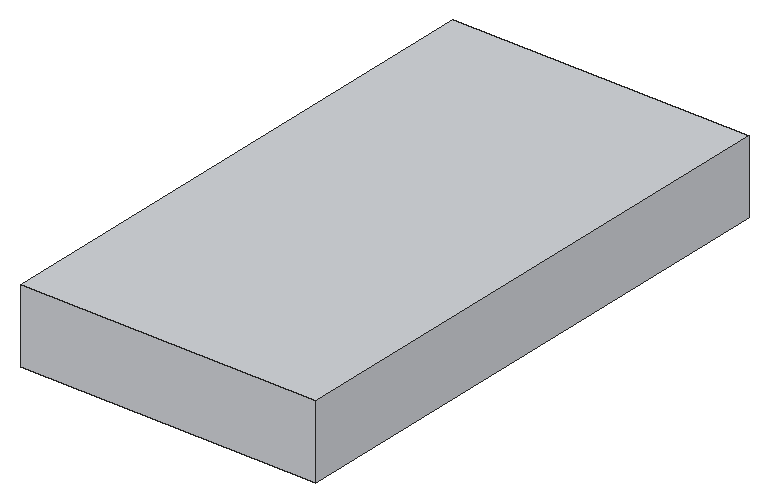
Revit family "df965de5853646ffacc4c5d03d4fdf00", category Electrical Equipment, host Face, Revit 2021
Family settings
  Host = Face
  Round Connector Dimension = Use Diameter
  Part Type = Other Panel
  OmniClass Number = 23.85.30.21.11.14
  OmniClass Title = Alarm Panels
  Seek Item ID = Firefighter's Telephone System-0000-USA-ENU
  Cut with Voids When Loaded = No
  Shared = No
  Room Calculation Point = No
Parameters (values of type "Standard")
  Width = 3' - 4 3/4"
  Panel Material = none
  Length = 1' - 10 1/4"
  Height = 0' - 5 1/2"
  Default Elevation = 4' - 0"
Reference planes (in)
  plane 1 "Center (Front/Back)": y = 0
  plane 2: z = 0
  plane 3 "Center (Left/Right)": x = 0
  plane 4: x = -11.125
  plane 5: x = 11.125
  plane 6: y = -40.75
  plane 7: z = 5.5
Forms (in)
  Extrusion 1, solid, material <- "Panel Material"
    sketch origin (0, 0, 0) x (1, 0, 0) y (0, 1, 0)
      loop
        line (-11.125, 0) -> (-11.125, -40.75) -> (11.125, -40.75) -> (11.125, 0) -> (-11.125, 0)
    from 0 to 5.5
Dimensions and locks (in)
  "Width": plane 1 "Center (Front/Back)" to plane 6
  equal spacing: plane 4, plane 3 "Center (Left/Right)", plane 5
  "Length": plane 4 to plane 5
  "Height": plane 7 to plane 2
  aligned and locked: plane 2 to host face
  aligned and locked: level to host face
  aligned and locked: plane 4 to Extrusion 1 sketch curve
  aligned and locked: plane 1 "Center (Front/Back)" to Extrusion 1 sketch curve
  aligned and locked: plane 6 to Extrusion 1 sketch curve
  aligned and locked: Extrusion 1 sketch curve to plane 5
  aligned and locked: Extrusion 1 to plane 2
  aligned and locked: plane 7 to Extrusion 1
  aligned and locked: plane 5 to Extrusion 1
  aligned and locked: plane 2 to nested 1
  aligned and locked: plane 7 to nested 1
  aligned and locked: plane 4 to nested 1
  aligned and locked: plane 5 to nested 1
Automatic sketch dimensions
  host sketch curve to host sketch curve = 8' - 0"  (x2)
Nested families (in)
  nested 1: "Firefighter's Telephone System Annotation" at (21.5, 0, -4.75) x (1, 0, 0) z (0, -1, 0), type "Firefighter's Telephone System Annotation", detail levels coarse+medium
    with Width 0' - 5 1/2", Length 1' - 10 1/4"
Connectors (in)
  electrical at (0, 0, 2.75)
    settings: on Extrusion 1, index 1, voltage 0 V, apparent load 0 VA, apparent load phase1 0 VA, apparent load phase2 0 VA, apparent load phase3 0 VA, power factor 1, load classification "Other", number of poles 1, system type 11, power factor state 1, is connector primary yes, connector utility no, sub classification motor no, connector description ""
  cabletrayconduit at (0, 0, 2.75), diameter 24
    settings: on Extrusion 1, index 2, connector width 1' - 0", connector height 1' - 0", connector angle 0.00°, system type 32, placement type 1, profile type 0, connector reference index -1, is primary connector yes, connector utility param no, connector description ""
  cabletrayconduit at (-11.125, -20.375, 2.75), diameter 24
    settings: on Extrusion 1, index 3, connector width 1' - 0", connector height 1' - 0", connector angle 0.00°, system type 32, placement type 1, profile type 0, connector reference index -1, is primary connector no, connector utility param no, connector description ""
  cabletrayconduit at (11.125, -20.375, 2.75), diameter 24
    settings: on Extrusion 1, index 4, connector width 1' - 0", connector height 1' - 0", connector angle 0.00°, system type 32, placement type 1, profile type 0, connector reference index -1, is primary connector no, connector utility param no, connector description ""
  cabletrayconduit at (0, -20.375, 0), diameter 24
    settings: on Extrusion 1, index 5, connector width 1' - 0", connector height 1' - 0", connector angle 0.00°, system type 32, placement type 1, profile type 0, connector reference index -1, is primary connector no, connector utility param no, connector description ""
  cabletrayconduit at (0, -40.75, 2.75), diameter 24
    settings: on Extrusion 1, index 6, connector width 1' - 0", connector height 1' - 0", connector angle 0.00°, system type 32, placement type 1, profile type 0, connector reference index -1, is primary connector no, connector utility param no, connector description ""
Definition of nested family "Firefighter's Telephone System Annotation"
  Parameters
    Width [instance] = 0' - 5"
    Length [instance] = 0' - 5"
    Assembly Code = ""
  Reference planes (in)
    plane 1 "Center (Front/Back)": y = 7.5
    plane 2: z = 0
    plane 3 "Center (Left/Right)": x = -21.5
    plane 4: x = -24
    plane 5: x = -19
    plane 6: y = 10
    plane 7: y = 5
  Lines and regions (in)
    Filled region 1, type "Solid Fill - Black", in view "Ref. Level"
      outline origin (-8.99633, 8.17179, 0) x (1, 0, 0) y (0, 1, 0)
        loop
          line (-12.34923, -0.47206) -> (-12.34923, -0.5165) -> (-12.14526, -0.5165) -> (-12.14526, -0.63166) -> (-12.32234, -0.63166) -> (-12.32234, -0.67179) -> (-12.14526, -0.67179) -> (-12.14526, -0.84221) -> (-12.09848, -0.84221) -> (-12.09848, -0.47206) -> (-12.34923, -0.47206)
        loop
          line (-12.38044, -0.47227) -> (-12.67443, -0.47227) -> (-12.67443, -0.51476) -> (-12.55445, -0.51476) -> (-12.55445, -0.84218) -> (-12.50367, -0.84218) -> (-12.50367, -0.51476) -> (-12.38044, -0.51476) -> (-12.38044, -0.47227)
        loop
          line (-13.00508, -0.59124) -> (-12.95884, -0.59124)
          spline (-12.95884, -0.59124) -> (-12.95768, -0.5711) -> (-12.94953, -0.55191) -> (-12.93499, -0.53508) -> (-12.91511, -0.5218) -> (-12.8913, -0.51304) -> (-12.86531, -0.50943) -> (-12.83899, -0.51123) -> (-12.81425, -0.51831) -> (-12.79286, -0.53016) -> (-12.77638, -0.54592) -> (-12.766, -0.56446) -> (-12.76245, -0.58444)
          arc (-12.76245, -0.58444) -> (-12.77219, -0.60449) -> (-12.78961, -0.6184) r 0.05055
          arc (-12.78961, -0.6184) -> (-12.85396, -0.64522) -> (-12.92092, -0.66459) r 0.61576
          arc (-12.92092, -0.66459) -> (-12.94446, -0.67345) -> (-12.9682, -0.68176) r 1.09135
          arc (-12.9682, -0.68176) -> (-12.98982, -0.72334) -> (-12.98091, -0.76934) r 0.0712
          spline (-12.98091, -0.76934) -> (-12.96377, -0.79202) -> (-12.94109, -0.81092) -> (-12.914, -0.8251) -> (-12.88386, -0.83385) -> (-12.85217, -0.83675) -> (-12.82051, -0.83363) -> (-12.79046, -0.82466) -> (-12.76351, -0.81029) -> (-12.74102, -0.79123) -> (-12.7241, -0.76843) -> (-12.7136, -0.74304) -> (-12.71004, -0.71631)
          line (-12.71004, -0.71631) -> (-12.75664, -0.71631)
          spline (-12.75664, -0.71631) -> (-12.75639, -0.73697) -> (-12.76342, -0.75692) -> (-12.77721, -0.77466) -> (-12.79673, -0.78887) -> (-12.82053, -0.79849) -> (-12.84682, -0.8028) -> (-12.87365, -0.80149) -> (-12.89902, -0.79464) -> (-12.92102, -0.78276) -> (-12.93803, -0.76676) -> (-12.94877, -0.74781) -> (-12.95244, -0.72734)
          arc (-12.95244, -0.72734) -> (-12.94296, -0.70907) -> (-12.92731, -0.69569) r 0.05392
          line (-12.92731, -0.69569) -> (-12.89246, -0.68303)
          arc (-12.89246, -0.68303) -> (-12.84658, -0.67317) -> (-12.80157, -0.65992) r 0.62793
          arc (-12.80157, -0.65992) -> (-12.77104, -0.64419) -> (-12.74378, -0.62329) r 0.19305
          arc (-12.74378, -0.62329) -> (-12.71986, -0.58847) -> (-12.72316, -0.54636) r 0.06331
          spline (-12.72316, -0.54636) -> (-12.73874, -0.52068) -> (-12.76074, -0.49876) -> (-12.78799, -0.48176) -> (-12.81904, -0.4706) -> (-12.85224, -0.46587) -> (-12.88581, -0.46781) -> (-12.91797, -0.47633) -> (-12.947, -0.49097) -> (-12.97137, -0.51096) -> (-12.98976, -0.53522) -> (-13.0012, -0.56246) -> (-13.00508, -0.59124)
    detail lines, in view "Ref. Level"
      curve 1: line (-24, 10, 0) -> (-19, 10, 0)
      curve 2: line (-24, 5, 0) -> (-24, 10, 0)
      curve 3: line (-19, 5, 0) -> (-24, 5, 0)
      curve 4: line (-19, 10, 0) -> (-19, 5, 0)
      curve 5: spline (-21.70637, 7.45549, 0) -> (-21.70993, 7.42876, 0) -> (-21.72043, 7.40336, 0) -> (-21.73735, 7.38056, 0) -> (-21.75984, 7.3615, 0) -> (-21.78678, 7.34713, 0) -> (-21.81684, 7.33816, 0) -> (-21.8485, 7.33505, 0) -> (-21.88019, 7.33794, 0) -> (-21.91033, 7.34669, 0) -> (-21.93741, 7.36087, 0) -> (-21.96009, 7.37977, 0) -> (-21.97724, 7.40245, 0)
      curve 6: arc (-21.7979, 7.51187, 0) -> (-21.76737, 7.5276, 0) -> (-21.74011, 7.5485, 0) r 0.19305
      curve 7: arc (-21.88879, 7.48877, 0) -> (-21.84291, 7.49862, 0) -> (-21.7979, 7.51187, 0) r 0.62793
      curve 8: line (-21.92364, 7.47611, 0) -> (-21.88879, 7.48877, 0)
      curve 9: arc (-21.94877, 7.44446, 0) -> (-21.93928, 7.46273, 0) -> (-21.92364, 7.47611, 0) r 0.05392
      curve 10: spline (-21.94877, 7.44446, 0) -> (-21.9451, 7.42398, 0) -> (-21.93436, 7.40503, 0) -> (-21.91735, 7.38903, 0) -> (-21.89534, 7.37716, 0) -> (-21.86998, 7.37031, 0) -> (-21.84315, 7.36899, 0) -> (-21.81686, 7.3733, 0) -> (-21.79306, 7.38292, 0) -> (-21.77354, 7.39713, 0) -> (-21.75975, 7.41487, 0) -> (-21.75271, 7.43482, 0) -> (-21.75296, 7.45549, 0)
      curve 11: line (-21.70637, 7.45549, 0) -> (-21.75296, 7.45549, 0)
      curve 12: arc (-21.94877, 7.44446, 0) -> (-21.93928, 7.46273, 0) -> (-21.92364, 7.47611, 0) r 0.05392
      curve 13: arc (-21.75877, 7.58735, 0) -> (-21.76444, 7.5738, 0) -> (-21.77356, 7.56228, 0) r 0.0539
      curve 14: spline (-21.75877, 7.58735, 0) -> (-21.76232, 7.60733, 0) -> (-21.77271, 7.62587, 0) -> (-21.78919, 7.64164, 0) -> (-21.81057, 7.65348, 0) -> (-21.83532, 7.66056, 0) -> (-21.86163, 7.66236, 0) -> (-21.88763, 7.65875, 0) -> (-21.91143, 7.64999, 0) -> (-21.93132, 7.63671, 0) -> (-21.94586, 7.61988, 0) -> (-21.95401, 7.6007, 0) -> (-21.95517, 7.58055, 0)
      curve 15: line (-22.00141, 7.58055, 0) -> (-21.95517, 7.58055, 0)
      curve 16: spline (-22.00141, 7.58055, 0) -> (-21.99753, 7.60933, 0) -> (-21.98609, 7.63658, 0) -> (-21.96769, 7.66084, 0) -> (-21.94333, 7.68082, 0) -> (-21.9143, 7.69546, 0) -> (-21.88214, 7.70398, 0) -> (-21.84856, 7.70593, 0) -> (-21.81537, 7.70119, 0) -> (-21.78432, 7.69003, 0) -> (-21.75707, 7.67304, 0) -> (-21.73507, 7.65112, 0) -> (-21.71949, 7.62544, 0)
      curve 17: arc (-21.74011, 7.5485, 0) -> (-21.71619, 7.58332, 0) -> (-21.71949, 7.62544, 0) r 0.06331
      curve 18: arc (-21.96453, 7.49003, 0) -> (-21.98614, 7.44846, 0) -> (-21.97724, 7.40245, 0) r 0.0712
      curve 19: line (-21.77356, 7.56228, 0) -> (-21.91725, 7.5072, 0)
      curve 20: arc (-21.96453, 7.49003, 0) -> (-21.94079, 7.49834, 0) -> (-21.91725, 7.5072, 0) r 1.09135
      curve 21: line (-21.34556, 7.69973, 0) -> (-21.0948, 7.69973, 0)
      curve 22: line (-21.0948, 7.69973, 0) -> (-21.0948, 7.32958, 0)
      curve 23: line (-21.0948, 7.32958, 0) -> (-21.14158, 7.32958, 0)
      curve 24: line (-21.14158, 7.32958, 0) -> (-21.14158, 7.5, 0)
      curve 25: line (-21.14158, 7.5, 0) -> (-21.31866, 7.5, 0)
      curve 26: line (-21.31866, 7.5, 0) -> (-21.31866, 7.54013, 0)
      curve 27: line (-21.31866, 7.54013, 0) -> (-21.14158, 7.54013, 0)
      curve 28: line (-21.14158, 7.54013, 0) -> (-21.14158, 7.6553, 0)
      curve 29: line (-21.14158, 7.6553, 0) -> (-21.34556, 7.6553, 0)
      curve 30: line (-21.34556, 7.6553, 0) -> (-21.34556, 7.69973, 0)
      curve 31: line (-21.37677, 7.69953, 0) -> (-21.37677, 7.65704, 0)
      curve 32: line (-21.37677, 7.65704, 0) -> (-21.5, 7.65704, 0)
      curve 33: line (-21.5, 7.65704, 0) -> (-21.5, 7.32961, 0)
      curve 34: line (-21.5, 7.32961, 0) -> (-21.55078, 7.32961, 0)
      curve 35: line (-21.55078, 7.32961, 0) -> (-21.55078, 7.65704, 0)
      curve 36: line (-21.55078, 7.65704, 0) -> (-21.67075, 7.65704, 0)
      curve 37: line (-21.67075, 7.65704, 0) -> (-21.67075, 7.69953, 0)
      curve 38: line (-21.67075, 7.69953, 0) -> (-21.37677, 7.69953, 0)
  Dimensions and locks (in)
    equal spacing: plane 4, plane 3 "Center (Left/Right)", plane 5
    "Length": plane 4 to plane 5
    equal spacing: plane 6, plane 1 "Center (Front/Back)", plane 7
    "Width": plane 6 to plane 7
    aligned and locked: plane 4 to curve 1
    aligned and locked: curve 1 to plane 6
    aligned and locked: plane 7 to curve 4
    aligned and locked: curve 4 to plane 5
    aligned and locked: Filled region 1 sketch curve to curve 21
    aligned and locked: Filled region 1 sketch curve to curve 22
    aligned and locked: Filled region 1 sketch curve to curve 23
    aligned and locked: Filled region 1 sketch curve to curve 24
    aligned and locked: Filled region 1 sketch curve to curve 25
    aligned and locked: Filled region 1 sketch curve to curve 26
    aligned and locked: Filled region 1 sketch curve to curve 27
    aligned and locked: Filled region 1 sketch curve to curve 28
    aligned and locked: Filled region 1 sketch curve to curve 29
    aligned and locked: Filled region 1 sketch curve to curve 30
    aligned and locked: Filled region 1 sketch curve to curve 31
    aligned and locked: Filled region 1 sketch curve to curve 38
    aligned and locked: Filled region 1 sketch curve to curve 32
    aligned and locked: Filled region 1 sketch curve to curve 37
    aligned and locked: Filled region 1 sketch curve to curve 36
    aligned and locked: Filled region 1 sketch curve to curve 35
    aligned and locked: Filled region 1 sketch curve to curve 33
    aligned and locked: Filled region 1 sketch curve to curve 34
    aligned and locked: Filled region 1 sketch curve to curve 11
    aligned and locked: Filled region 1 sketch curve to curve 15
    aligned and locked: Filled region 1 sketch curve to curve 18
    aligned and locked: Filled region 1 sketch curve to curve 12
    aligned and locked: Filled region 1 sketch curve to curve 8
    aligned and locked: Filled region 1 sketch curve to curve 7
    aligned and locked: Filled region 1 sketch curve to curve 6
    aligned and locked: Filled region 1 sketch curve to curve 17
    aligned and locked: Filled region 1 sketch curve to curve 20
    aligned and locked: curve 25 to plane 1 "Center (Front/Back)"
    aligned and locked: curve 33 to plane 3 "Center (Left/Right)"
  Automatic sketch dimensions
    curve 15 to curve 5 = 0' - 0.02417"
    curve 5 to curve 18 = 0' - 0.01271"
    curve 16 to curve 15 = 0' - 0.04624"
    curve 18 to curve 10 = 0' - 0.01576"
    curve 10 to curve 9 = 0' - 0.02513"
    curve 12 to curve 19 = 0' - 0.00639"
    curve 10 to curve 18 = 0' - 0.03309"
    curve 18 to curve 9 = 0' - 0.01863"
    curve 20 to curve 8 = 0' - 0.02846"
    curve 14 to curve 6 = 0' - 0.08445"
    curve 14 to curve 14 = 0' - 0.09799"
    curve 14 to curve 16 = 0' - 0.00154"
    curve 9 to curve 10 = 0' - 0.04671"
    curve 10 to curve 5 = 0' - 0.00125"
    curve 14 to curve 13 = 0' - 0.0463"
    curve 5 to curve 6 = 0' - 0.0512"
    curve 13 to curve 17 = 0' - 0.03353"
    curve 17 to curve 19 = 0' - 0.00378"
    curve 17 to curve 13 = 0' - 0.01857"
    curve 7 to curve 10 = 0' - 0.04493"
    curve 19 to curve 17 = 0' - 0.03345"
    curve 13 to curve 16 = 0' - 0.03929"
    curve 10 to curve 5 = 0' - 0.0466"
    curve 17 to curve 38 = 0' - 0.04874"
    curve 36 to curve 35 = 0' - 0.11997"
    curve 34 to curve 33 = 0' - 0 13/256"
    curve 32 to curve 32 = 0' - 0.12323"
    curve 31 to curve 29 = 0' - 0.03121"
    curve 29 to curve 25 = 0' - 0.0269"
    curve 29 to curve 28 = 0' - 0.20398"
    curve 25 to curve 27 = 0' - 0"
    curve 28 to curve 21 = 0' - 0.04678"
    curve 30 to curve 7 = 0' - 0.40747"
    curve 31 to curve 21 = 0' - 0.0002"
    curve 6 to curve 37 = 0' - 0.00887"
    curve 31 to curve 31 = 0' - 0.04249"
    curve 37 to curve 37 = 0' - 0.04249"
    curve 28 to curve 21 = 0' - 0.04443"
    curve 16 to curve 36 = 0' - 0.0316"
    curve 13 to curve 16 = 0' - 0.02426"
    curve 17 to curve 13 = 0' - 0.00147"
    curve 13 to curve 17 = 0' - 0.01236"
    curve 15 to curve 14 = 0' - 0.0068"
    curve 28 to curve 28 = 0' - 0.11516"
    curve 8 to curve 19 = 0' - 0.01844"
    curve 26 to curve 26 = 0' - 0.04013"
    curve 8 to curve 19 = 0' - 0.0311"
    curve 10 to curve 7 = 0' - 0.05638"
    curve 10 to curve 12 = 0' - 0.03165"
    curve 12 to curve 18 = 0' - 0.00903"
    curve 34 to curve 5 = 0' - 0.12587"
    curve 23 to curve 24 = 0' - 0.17042"
    Filled region 1 sketch curve to Filled region 1 sketch curve = 0' - 0.05701"
    Filled region 1 sketch curve to Filled region 1 sketch curve = 0' - 0.03688"
    Filled region 1 sketch curve to Filled region 1 sketch curve = 0' - 0.06156"
    Filled region 1 sketch curve to Filled region 1 sketch curve = 0' - 0.04624"
    Filled region 1 sketch curve to Filled region 1 sketch curve = 0' - 0.03309"
    Filled region 1 sketch curve to Filled region 1 sketch curve = 0' - 0.00639"
    Filled region 1 sketch curve to Filled region 1 sketch curve = 0' - 0.07983"
    Filled region 1 sketch curve to Filled region 1 sketch curve = 0' - 0.00154"
    Filled region 1 sketch curve to Filled region 1 sketch curve = 0' - 0.04671"
    Filled region 1 sketch curve to Filled region 1 sketch curve = 0' - 0.00125"
    Filled region 1 sketch curve to Filled region 1 sketch curve = 0' - 0.03065"
    Filled region 1 sketch curve to Filled region 1 sketch curve = 0' - 0.01196"
    Filled region 1 sketch curve to Filled region 1 sketch curve = 0' - 0"
    Filled region 1 sketch curve to Filled region 1 sketch curve = 0' - 0.01857"
    Filled region 1 sketch curve to Filled region 1 sketch curve = 0' - 0.04493"
    Filled region 1 sketch curve to Filled region 1 sketch curve = 0' - 0.03929"
    Filled region 1 sketch curve to Filled region 1 sketch curve = 0' - 0.0466"
    Filled region 1 sketch curve to Filled region 1 sketch curve = 0' - 0.04152"
    curve 9 to curve 12 = 0' - 0"
    curve 20 to curve 15 = 0' - 0.31199"
    curve 7 to curve 6 = 0' - 0.12688"
    curve 7 to curve 20 = 0' - 0.41691"
